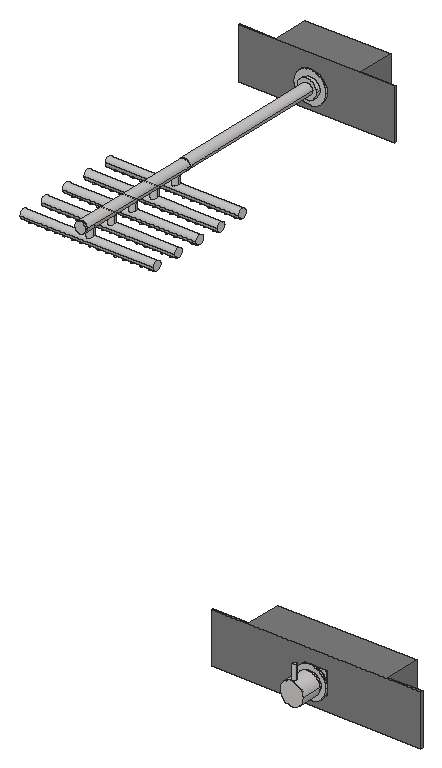
Revit family "2251", category Plumbing Fixtures, Revit 2021
Family settings
  Round Connector Dimension = Use Diameter
  Part Type = Normal
  Work Plane-Based = No
  Always vertical = Yes
  Cut with Voids When Loaded = No
  Shared = No
  Room Calculation Point = No
Parameters
  e-mail = "info@vola.com"
  URL = "http://vola.com"
  Telephone = "+45 7023 5500"
  Shower Head Height = 2100.00 mm
  Quality management standard = "ISO 9001"
  Organisation no. / DUNS no. = "17531328"
  Occupational health and safety management standard = "ISO 18001"
  Mounting Instructions = "http://vola.com/service/producturl.ashx?name=2251"
  Model = "2251"
  Mixer Offset [instance] = 12.00 mm
  Mixer = yes
  Materials and components information = "http://vola.com/service/producturl.ashx?name=2251"
  Manufacturer = "VOLA A/S"
  Maintenance Instructions = "http://vola.com/service/producturl.ashx?name=2251"
  Handle Height = 1100.00 mm
  Guarantee = "2 years"
  Flow = "20,00 l/min"
  Environmental management standard = "ISO 14000"
  Default Elevation = 0.00 mm
  Connection - All relevant connections = "½\" for water connection"
  Approvals = "http://vola.com/service/producturl.ashx?name=2251"
Reference planes
  plane 1 "Center (Front/Back)": y = 0
  plane 2: z = 0
  plane 3 "Center (Left/Right)": x = 0
  plane 4 "Mixer plane": y = 12
  plane 5: z = 1100
  plane 6 "Wall Surface": y = 0
  plane 7: z = 2100
Forms (mm)
  Extrusion 1, solid, material "Stainless Steel", visible <- "Mixer"
    sketch origin (-21, 11.3, 1121) x (-1, 0, 0) y (0, 0, -1)
      loop
        circle (-21, 21) r 19.5
    from 0 to 11.3
  Extrusion 2, solid, material "Stainless Steel", visible <- "Mixer"
    sketch origin (16.5, 11.5, 2100) x (0, 0, 1) y (-1, 0, 0)
      loop
        circle (0, 16.5) r 16.5
    from 0 to 11.5
Dimensions and locks
  "Mixer Offset": plane 4 "Mixer plane" to plane 1 "Center (Front/Back)"
  "Handle Height": plane 5 to level
  "Shower Head Height": plane 7 to level
  aligned and locked: plane 2 to level
  aligned and locked: nested 3 to plane 4 "Mixer plane"
  aligned and locked: plane 1 "Center (Front/Back)" to nested 2
  aligned and locked: plane 1 "Center (Front/Back)" to Extrusion 1
  aligned and locked: plane 5 to nested 3
  aligned and locked: nested 4 to plane 5
  aligned and locked: plane 5 to nested 1  (x2)
  aligned and locked: plane 7 to nested 5
  aligned and locked: plane 7 to nested 2
  aligned and locked: Extrusion 2 to plane 6 "Wall Surface"
Automatic sketch dimensions
  Extrusion 1 sketch curve to nested 3 = 21.00 mm  (x2)
  radius of Extrusion 1 sketch curve = 19.50 mm
  radius of Extrusion 2 sketch curve to nested 5 = 0.00 mm
Nested families
  nested 1: "NR21" at (0, -2, 1100), type "NR21"
  nested 2: "050" at (0, 0, 2100), type "050"
  nested 3: "2200" at (0, 82.5, 1030), visible <- "Mixer", type "2200"
  nested 4: "2001" at (0, 0, 1100) x (1, 0, 0) z (0, -1, 0), type "2001"
  nested 5: "200M" at (0, 12, 2100) x (1, 0, 0) z (0, 1, 0), visible <- "Mixer", type "200M"
Connectors
  piping at (27, 57.5, 1030), diameter 28
    settings: on nested 3, index 3, connector inside diameter 1.10236", connector length 0.00 mm, flow factor 0, pipe flow 0 GPM, pressure drop 0.00 psi, fitting loss kfactor 0, connector angle 0.00°, fixture units 0, engagement length 0.00 mm, angle of deflection 0.00°, flow configuration 0, flow direction 1, fitting loss method 0, system type 20, joint type 0, gender type 0, connector reference index -1, connector utility 0, adjustable connector no, is connector primary yes, connector description ""
  piping at (-27, 57.5, 1030), diameter 28
    settings: on nested 3, index 4, connector inside diameter 1.10236", connector length 0.00 mm, flow factor 0, pipe flow 0 GPM, pressure drop 0.00 psi, fitting loss kfactor 0, connector angle 0.00°, fixture units 0, engagement length 0.00 mm, angle of deflection 0.00°, flow configuration 0, flow direction 1, fitting loss method 0, system type 19, joint type 0, gender type 0, connector reference index -1, connector utility 0, adjustable connector no, is connector primary no, connector description ""
Definition of nested family "NR21"
  Parameters
    e-mail = "info@vola.com"
    URL = "http://vola.com"
    Telephone = "+45 7023 5500"
    Quality management standard = "ISO 9001"
    Organisation no. / DUNS no. = "17531328"
    Occupational health and safety management standard = "ISO 18001"
    Mounting Instructions = "http://vola.com/service/producturl.ashx?name=NR21"
    Model = "NR21"
    Materials and components information = "http://vola.com/service/producturl.ashx?name=NR21"
    Manufacturer = "VOLA A/S"
    Maintenance Instructions = "http://vola.com/service/producturl.ashx?name=NR21"
    Guarantee = "2 years"
    Environmental management standard = "ISO 14000"
    Default Elevation = 0.00 mm
    Connection - All relevant connections = ""
    Approvals = "http://vola.com/service/producturl.ashx?name=NR21"
  Reference planes
    plane 1 "Center (Front/Back)": y = 0
    plane 2: z = 0
    plane 3 "Center (Left/Right)": x = 0
  Forms (mm)
    Extrusion 1, solid
      sketch origin (0, 0, 0) x (1, 0, 0) y (0, 0, 1)
        loop
          circle (0, 0) r 21.5
      from 5 to 42.5
    Extrusion 2, solid
      sketch origin (0, -2, 0) x (0, -1, 0) y (1, 0, 0)
        loop
          circle (34.5, 0) r 3.5
      from 0 to 47.5
    Extrusion 3, solid
      sketch origin (0, 0, 0) x (1, 0, 0) y (0, 0, 1)
        loop
          circle (0, 0) r 20
      from 0 to 5
  Cuts and joins
    joined: Extrusion 1, Extrusion 2
  Lines and regions (mm)
    model lines
      curve 1: line (-6.05, -42.5, 20.663) -> (-6.05, -42.5, -20.663)
      curve 2: line (6.05, -42.5, 20.663) -> (6.05, -42.5, -20.663)
  Dimensions and locks
    aligned and locked: plane 2 to level
Definition of nested family "050"
  Parameters
    e-mail = "info@vola.com"
    URL = "http://vola.com"
    Telephone = "+45 7023 5500"
    Quality management standard = "ISO 9001"
    Organisation no. / DUNS no. = "17531328"
    Occupational health and safety management standard = "ISO 18001"
    Mounting Instructions = "http://vola.com/service/producturl.ashx?name=050"
    Model = "050"
    Materials and components information = "http://vola.com/service/producturl.ashx?name=050"
    Manufacturer = "VOLA A/S"
    Maintenance Instructions = "http://vola.com/service/producturl.ashx?name=050"
    Guarantee = "2 years"
    Flow = "23,00 l/min"
    Environmental management standard = "ISO 14000"
    Default Elevation = 0.00 mm
    Connection - All relevant connections = ""
    Approvals = "http://vola.com/service/producturl.ashx?name=050"
  Reference planes
    plane 1 "Center (Front/Back)": y = 0
    plane 2: z = 0
    plane 3 "Center (Left/Right)": x = 0
    plane 4: y = -317
  Forms (mm)
    Extrusion 1, solid
      sketch origin (0, 0, 0) x (1, 0, 0) y (0, 0, 1)
        loop
          circle (0, 0) r 30
      from 0 to 2
    Extrusion 2, solid
      sketch origin (0, -2, 0) x (1, 0, 0) y (0, 0, 1)
        loop
          circle (0, 0) r 18
      from 0 to 7
    Extrusion 3, solid
      sketch origin (0, -9, 0) x (1, 0, 0) y (0, 0, 1)
        loop
          circle (0, 0) r 10
      from 0 to 288
    Extrusion 4, solid
      sketch origin (0, -297, 0) x (1, 0, 0) y (0, 0, 1)
        loop
          circle (0, 0) r 10
      from 0 to 240
    Extrusion 5, solid
      sketch origin (0, -537, 0) x (1, 0, 0) y (0, 0, 1)
        loop
          circle (0, 0) r 10
      from 0 to 3
    Extrusion 6, solid
      sketch origin (0, 0, 0) x (1, 0, 0) y (0, 1, 0)
        loop
          circle (0, -317) r 6
      from -30 to 0
    Extrusion 7, solid
      sketch origin (0, -50, 0) x (1, 0, 0) y (0, 1, 0)
        loop
          circle (0, -317) r 6
      from -30 to 0
    Extrusion 8, solid
      sketch origin (0, -100, 0) x (1, 0, 0) y (0, 1, 0)
        loop
          circle (0, -317) r 6
      from -30 to 0
    Extrusion 9, solid
      sketch origin (0, -150, 0) x (1, 0, 0) y (0, 1, 0)
        loop
          circle (0, -317) r 6
      from -30 to 0
    Extrusion 10, solid
      sketch origin (0, -200, 0) x (1, 0, 0) y (0, 1, 0)
        loop
          circle (0, -317) r 6
      from -30 to 0
    Extrusion 11, solid
      sketch origin (0, 0, 0) x (0, 1, 0) y (0, 0, 1)
        loop
          circle (-317, -30) r 8
      from -125 to 125
    Extrusion 12, solid
      sketch origin (0, -50, 0) x (0, 1, 0) y (0, 0, 1)
        loop
          circle (-317, -30) r 8
      from -125 to 125
    Extrusion 13, solid
      sketch origin (0, -100, 0) x (0, 1, 0) y (0, 0, 1)
        loop
          circle (-317, -30) r 8
      from -125 to 125
    Extrusion 14, solid
      sketch origin (0, -150, 0) x (0, 1, 0) y (0, 0, 1)
        loop
          circle (-317, -30) r 8
      from -125 to 125
    Extrusion 15, solid
      sketch origin (0, -200, 0) x (0, 1, 0) y (0, 0, 1)
        loop
          circle (-317, -30) r 8
      from -125 to 125
    Extrusion 16, solid
      sketch origin (0, 0, 0) x (1, 0, 0) y (0, 1, 0)
        loop
          circle (0, -517) r 2.5
        loop
          circle (16, -517) r 2.5
        loop
          circle (32, -517) r 2.5
        loop
          circle (48, -517) r 2.5
        loop
          circle (64, -517) r 2.5
        loop
          circle (80, -517) r 2.5
        loop
          circle (96, -517) r 2.5
        loop
          circle (112, -517) r 2.5
        loop
          circle (-16, -517) r 2.5
        loop
          circle (-32, -517) r 2.5
        loop
          circle (-48, -517) r 2.5
        loop
          circle (-64, -517) r 2.5
        loop
          circle (-80, -517) r 2.5
        loop
          circle (-96, -517) r 2.5
        loop
          circle (-112, -517) r 2.5
      from -37 to -40
    Extrusion 17, solid
      sketch origin (0, 50, 0) x (1, 0, 0) y (0, 1, 0)
        loop
          circle (0, -517) r 2.5
        loop
          circle (16, -517) r 2.5
        loop
          circle (32, -517) r 2.5
        loop
          circle (48, -517) r 2.5
        loop
          circle (64, -517) r 2.5
        loop
          circle (80, -517) r 2.5
        loop
          circle (96, -517) r 2.5
        loop
          circle (112, -517) r 2.5
        loop
          circle (-16, -517) r 2.5
        loop
          circle (-32, -517) r 2.5
        loop
          circle (-48, -517) r 2.5
        loop
          circle (-64, -517) r 2.5
        loop
          circle (-80, -517) r 2.5
        loop
          circle (-96, -517) r 2.5
        loop
          circle (-112, -517) r 2.5
      from -37 to -40
    Extrusion 18, solid
      sketch origin (0, 100, 0) x (1, 0, 0) y (0, 1, 0)
        loop
          circle (0, -517) r 2.5
        loop
          circle (16, -517) r 2.5
        loop
          circle (32, -517) r 2.5
        loop
          circle (48, -517) r 2.5
        loop
          circle (64, -517) r 2.5
        loop
          circle (80, -517) r 2.5
        loop
          circle (96, -517) r 2.5
        loop
          circle (112, -517) r 2.5
        loop
          circle (-16, -517) r 2.5
        loop
          circle (-32, -517) r 2.5
        loop
          circle (-48, -517) r 2.5
        loop
          circle (-64, -517) r 2.5
        loop
          circle (-80, -517) r 2.5
        loop
          circle (-96, -517) r 2.5
        loop
          circle (-112, -517) r 2.5
      from -37 to -40
    Extrusion 19, solid
      sketch origin (0, 150, 0) x (1, 0, 0) y (0, 1, 0)
        loop
          circle (0, -517) r 2.5
        loop
          circle (16, -517) r 2.5
        loop
          circle (32, -517) r 2.5
        loop
          circle (48, -517) r 2.5
        loop
          circle (64, -517) r 2.5
        loop
          circle (80, -517) r 2.5
        loop
          circle (96, -517) r 2.5
        loop
          circle (112, -517) r 2.5
        loop
          circle (-16, -517) r 2.5
        loop
          circle (-32, -517) r 2.5
        loop
          circle (-48, -517) r 2.5
        loop
          circle (-64, -517) r 2.5
        loop
          circle (-80, -517) r 2.5
        loop
          circle (-96, -517) r 2.5
        loop
          circle (-112, -517) r 2.5
      from -37 to -40
    Extrusion 20, solid
      sketch origin (0, 200, 0) x (1, 0, 0) y (0, 1, 0)
        loop
          circle (0, -517) r 2.5
        loop
          circle (16, -517) r 2.5
        loop
          circle (32, -517) r 2.5
        loop
          circle (48, -517) r 2.5
        loop
          circle (64, -517) r 2.5
        loop
          circle (80, -517) r 2.5
        loop
          circle (96, -517) r 2.5
        loop
          circle (112, -517) r 2.5
        loop
          circle (-16, -517) r 2.5
        loop
          circle (-32, -517) r 2.5
        loop
          circle (-48, -517) r 2.5
        loop
          circle (-64, -517) r 2.5
        loop
          circle (-80, -517) r 2.5
        loop
          circle (-96, -517) r 2.5
        loop
          circle (-112, -517) r 2.5
      from -37 to -40
  Cuts and joins
    joined: Extrusion 4, Extrusion 6, Extrusion 7, Extrusion 8, Extrusion 9, Extrusion 10, Extrusion 11, Extrusion 12, Extrusion 13, Extrusion 14, Extrusion 15, Extrusion 16, Extrusion 17, Extrusion 18, Extrusion 19, Extrusion 20
  Dimensions and locks
    aligned and locked: plane 2 to level
Definition of nested family "2200"
  Parameters
    e-mail = "info@vola.com"
    URL = "http://vola.com"
    Telephone = "+45 7023 5500"
    Quality management standard = "ISO 9001"
    Organisation no. / DUNS no. = "17531328"
    Occupational health and safety management standard = "ISO 18001"
    Mounting Instructions = "http://vola.com/service/producturl.ashx?name=2200"
    Model = "2200"
    Materials and components information = "http://vola.com/service/producturl.ashx?name=2200"
    Manufacturer = "VOLA A/S"
    Maintenance Instructions = "http://vola.com/service/producturl.ashx?name=2200"
    Guarantee = "2 years"
    Flow = "25,00 l/min"
    Environmental management standard = "ISO 14000"
    Default Elevation = 0.00 mm
    Connection - All relevant connections = ""
    Approvals = "http://vola.com/service/producturl.ashx?name=2200"
  Reference planes
    plane 1 "Center (Front/Back)": y = 0
    plane 2: z = 0
    plane 3 "Center (Left/Right)": x = 0
    plane 4 "Front Plane": y = -72.5
    plane 5 "Inlet Center Plane": y = -25
    plane 6: z = 70
  Forms (mm)
    Extrusion 1, solid
      sketch origin (1071.5, -2.5, 1) x (-1, 0, 0) y (0, 0, -1)
        loop
          line (1092.5, -90) -> (1092.5, -48) -> (1050.5, -48) -> (1050.5, -90) -> (1092.5, -90)
      from 68 to 68.7
    Extrusion 2, solid
      sketch origin (0, 0, 1) x (1, 0, 0) y (0, 1, 0)
        loop
          line (-127.5, 0) -> (-127.5, -68) -> (132.5, -68) -> (132.5, 0) -> (-127.5, 0)
      from 21.5 to 116.5
    Extrusion 3, solid
      sketch origin (0, 0, 22.5) x (0, 1, 0) y (1, 0, 0)
        loop
          circle (-25, 27) r 14
      from 0 to 22.5
    Extrusion 4, solid
      sketch origin (-54, 0, 22.5) x (0, 1, 0) y (1, 0, 0)
        loop
          circle (-25, 27) r 14
      from 0 to 22.5
    Extrusion 5, solid
      sketch origin (0, 0, 0) x (1, 0, 0) y (0, 1, 0)
        loop
          line (-195, -68) -> (-195, -70.5) -> (197.5, -70.5) -> (197.5, -68) -> (-195, -68)
      from 22.5 to 117.5
  Cuts and joins
    joined: Extrusion 2, Extrusion 5
  Lines and regions (mm)
    reference lines
      curve 1: line (0, -25, 70) -> (0, -122.5, 70)
      curve 2: line (-27, -25, 70) -> (-27, -25, -29)
      curve 3: line (27, -25, 70) -> (27, -25, -29)
      curve 4: line (0, -25, 70) -> (0, -25, 169)
  Dimensions and locks
    aligned and locked: plane 2 to level
    aligned and locked: plane 6 to curve 3
    aligned and locked: plane 6 to curve 2
    aligned and locked: Extrusion 2 to Extrusion 5
    aligned and locked: Extrusion 5 to Extrusion 2
Definition of nested family "2001"
  Parameters
    e-mail = "info@vola.com"
    URL = "http://vola.com"
    Telephone = "+45 7023 5500"
    Quality management standard = "ISO 9001"
    Organisation no. / DUNS no. = "17531328"
    Occupational health and safety management standard = "ISO 18001"
    Mounting Instructions = "http://vola.com/service/producturl.ashx?name=2001"
    Model = "2001"
    Materials and components information = "http://vola.com/service/producturl.ashx?name=2001"
    Manufacturer = "VOLA A/S"
    Maintenance Instructions = "http://vola.com/service/producturl.ashx?name=2001"
    Guarantee = "2 years"
    Environmental management standard = "ISO 14000"
    Default Elevation = 1219.20 mm
    Connection - All relevant connections = ""
    Approvals = "http://vola.com/service/producturl.ashx?name=2001"
  Reference planes
    plane 1 "Center (Front/Back)": y = 0
    plane 2: z = 0
    plane 3 "Center (Left/Right)": x = 0
  Forms (mm)
    Extrusion 1, solid
      sketch origin (0, 0, 0) x (1, 0, 0) y (0, 1, 0)
        loop
          circle (0, 0) r 19.5
        loop
          circle (0, 0) r 30
      from 0 to 2
  Dimensions and locks
    aligned and locked: plane 2 to level
Definition of nested family "200M"
  Parameters
    e-mail = "info@vola.com"
    URL = "http://vola.com"
    Telephone = "+45 7023 5500"
    Quality management standard = "ISO 9001"
    Organisation no. / DUNS no. = "17531328"
    Occupational health and safety management standard = "ISO 18001"
    Mounting Instructions = "http://vola.com/service/producturl.ashx?name=200M"
    Model = "200M"
    Materials and components information = "http://vola.com/service/producturl.ashx?name=200M"
    Manufacturer = "VOLA A/S"
    Maintenance Instructions = "http://vola.com/service/producturl.ashx?name=200M"
    Guarantee = "2 years"
    Environmental management standard = "ISO 14000"
    Default Elevation = 1219.20 mm
    Connection - All relevant connections = ""
    Approvals = "http://vola.com/service/producturl.ashx?name=200M"
  Reference planes
    plane 1 "Center (Front/Back)": y = 0
    plane 2: z = 0
    plane 3 "Center (Left/Right)": x = 0
  Forms (mm)
    Extrusion 1, solid
      sketch origin (0, 69, 70.5) x (1, 0, 0) y (0, 0, 1)
        loop
          line (-77.5, 1) -> (-77.5, -68) -> (82.5, -68) -> (82.5, 1) -> (-77.5, 1)
      from 21.5 to 116.5
    Extrusion 2, solid
      sketch origin (0, 69, 70.5) x (1, 0, 0) y (0, 0, 1)
        loop
          line (-145, -68) -> (-145, -70.5) -> (147.5, -70.5) -> (147.5, -68) -> (-145, -68)
      from 21.5 to 116.5
    Extrusion 3, solid
      sketch origin (1071.5, 69, 68) x (0, 1, 0) y (1, 0, 0)
        loop
          circle (-69, -1071.5) r 16.5
      from 68 to 68.5
  Cuts and joins
    joined: Extrusion 1, Extrusion 2
  Lines and regions (mm)
    reference lines
      curve 1: line (0, 0, -0.5) -> (0, 0, -20.5)
      curve 2: line (0, 0, 27.5) -> (0, -99, 27.5)
      curve 3: line (0, 0, 38) -> (0, 99, 38)
  Dimensions and locks
    aligned and locked: plane 2 to level
    aligned and locked: Extrusion 2 to Extrusion 1  (x2)
